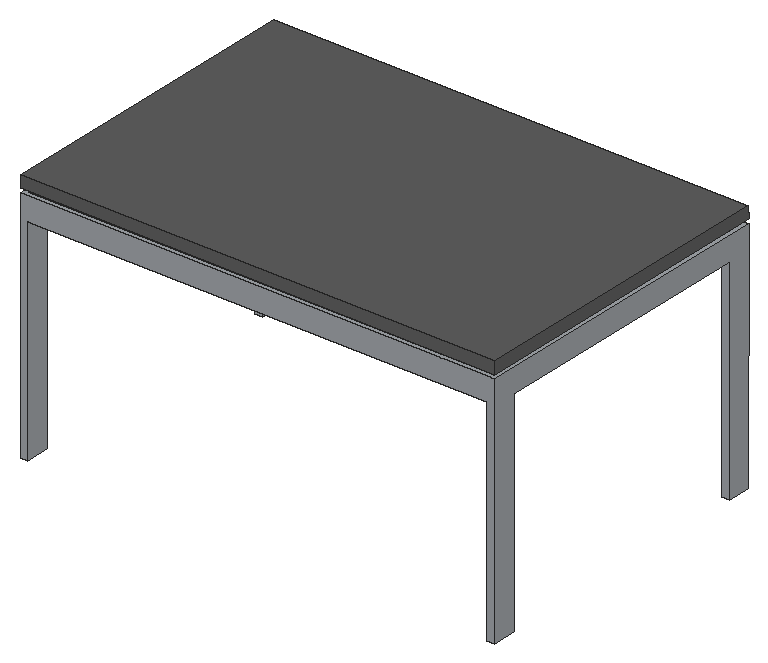
Revit family
Parameters
  URL = "http://www.martinbrattrud.com"
  Table Top [instance] = none
  SCS Certified Product = "Yes"
  Model = "Lundin 1006-30RL"
  Manufacturer = "Martin Brattrud, Inc."
  Leg [instance] = none
  Keynote = "125000"
  Copyright = "© 2013 Martin Brattrud, Inc."
  Authoring Version = "Revit Architecture 2010"
  Assembly Code = "E2020200"
Reference planes (in)
  plane 1 "Center Front/Back": y = 0
  plane 2: z = 0
  plane 3 "Center Left/Right": x = 0
  plane 4: z = 0
  plane 5: z = 16
  plane 6: z = 15.25
  plane 7: z = 15
  plane 8: z = 13.5
  plane 9: x = 132
  plane 10: y = 10
  plane 11: y = -10
  plane 12: y = -9.6875
  plane 13: y = -9.5
  plane 14: y = 9.6875
  plane 15: y = 9.5
  plane 16: x = -15
  plane 17: x = -14.6875
  plane 18: x = -15
  plane 19: x = 15
  plane 20: x = 14.6875
  plane 21: x = 15
Forms (in)
  Extrusion 1, solid, material <- "Leg"
    sketch origin (-3, 0, 0) x (0, 1, 0) y (0, 0, -1)
      loop
        line (10, -15) -> (10, 0) -> (8.5, 0) -> (8.5, -13.5) -> (-8.5, -13.5) -> (-8.5, 0) -> (-10, 0) -> (-10, -15) -> (10, -15)
    from 11.5 to 12
  Extrusion 2, solid, material <- "Leg"
    sketch origin (0, 2, -4) x (0, 1, 0) y (0, 0, 1)
      loop
        line (8, 19) -> (7.5, 19) -> (7.5, 17.5) -> (8, 17.5) -> (8, 19)
      loop
        line (-12, 19) -> (-12, 17.5) -> (-11.5, 17.5) -> (-11.5, 19) -> (-12, 19)
    from -15 to 15
  Extrusion 3, solid, material <- "Table Top"
    sketch origin (0, 0, -4) x (1, 0, 0) y (0, 1, 0)
      loop
        line (-15, 10) -> (-15, -10) -> (15, -10) -> (15, 10) -> (-15, 10)
    from 19.25 to 20
  Extrusion 4, solid, material <- "Table Top"
    sketch origin (0, 0, -4) x (1, 0, 0) y (0, 1, 0)
      loop
        line (14.6875, 9.6875) -> (-14.6875, 9.6875) -> (-14.6875, -9.6875) -> (14.6875, -9.6875) -> (14.6875, 9.6875)
    from 18.5217 to 19.25
  Extrusion 5, solid, material <- "Leg"
    sketch origin (3, 0, 0) x (0, 1, 0) y (0, 0, 1)
      loop
        line (10, 0) -> (10, 15) -> (-10, 15) -> (-10, 0) -> (-8.5, 0) -> (-8.5, 13.5) -> (8.5, 13.5) -> (8.5, 0) -> (10, 0)
    from 11.5 to 12
Cuts and joins
  joined: Extrusion 1, Extrusion 2, Extrusion 5
